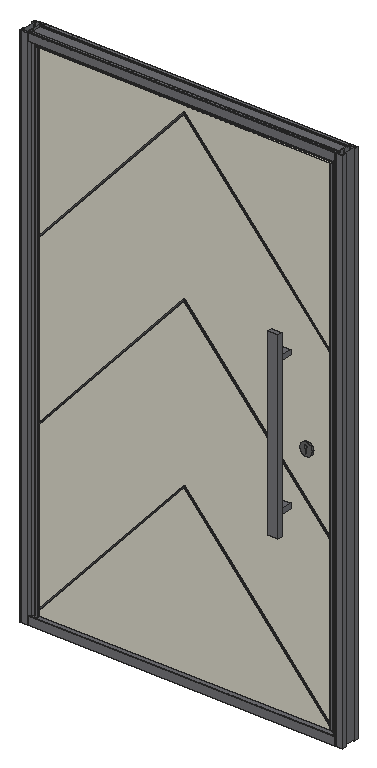
Revit family "YC1321P C1 CHAM LH", category Doors, host Wall, Revit 2024
Family settings
  Host = Wall
  OmniClass Number = 23.30.10.00
  OmniClass Title = Doors
  Always vertical = Yes
  Cut with Voids When Loaded = No
  Shared = No
  Room Calculation Point = No
Parameters
  Function = Interior
  Frame Projection Ext. = 25 mm
  Frame Projection Int. = 25 mm
  Frame Width = 75 mm
  Height = 2120 mm
  Wall Closure = By host
  Width = 1290 mm
  Analytic Construction = "<None>"
Reference planes
  plane 1: y = 0
  plane 2 "Center (Left/Right)": x = 0
  plane 3 "Left": x = -645
  plane 4 "Right": x = 645
  plane 5: z = 2120
  plane 6 "Exterior": y = 75
  plane 7 "Interior": y = -75
  plane 8: z = 33.5
Forms (mm)
  Sweep 1, solid, material "ALUMINIUM CHAR (TEST)"
    path origin (0, 75, 0) x (-1, 0, 0) y (0, 0, -1)
      loop
        line (-601.2, -30) -> (-601.2, -2075) -> (600, -2075) -> (600, -30)
    profile origin (0.6, 75, 2075) x (0, 0, -1) y (0, -1, 0)
      loop
        line (-15, 55) -> (-15, 53) -> (0.5, 53)
        arc (0.5, 53) -> (1.207, 53.293) -> (1.5, 54) r 1
        line (1.5, 54) -> (1.5, 56.1) -> (0.5, 56.1) -> (0.5, 55) -> (-1, 55) -> (-1, 59.5) -> (0.5, 59.5) -> (0.5, 58.369) -> (1.5, 58.369) -> (1.5, 91.631) -> (0.5, 91.631) -> (0.5, 90.5) -> (-1, 90.5) -> (-1, 95) -> (0.5, 95) -> (0.5, 93.9) -> (1.5, 93.9) -> (1.5, 96)
        arc (1.5, 96) -> (1.207, 96.707) -> (0.5, 97) r 1
        line (0.5, 97) -> (-15, 97) -> (-15, 95) -> (-2.8, 95) -> (-2.8, 88.5) -> (-0.5, 88.5) -> (-0.5, 61.5) -> (-2.8, 61.5) -> (-2.8, 55) -> (-15, 55)
  Extrusion 2, solid, material "ALUMINIUM CHAR (TEST)"
    sketch origin (0, 0, 0) x (0, 1, 0) y (0, 0, -1)
      loop
        line (37.5, -2120) -> (37.5, -2090) -> (7.651, -2090) -> (-4.189, -2090) -> (-37.5, -2090) -> (-37.5, -2120) -> (-22, -2120) -> (-22, -2118.5) -> (-24.5, -2118.5) -> (-24.5, -2115.5) -> (24.5, -2115.5) -> (24.5, -2118.5) -> (22, -2118.5) -> (22, -2120) -> (37.5, -2120)
      loop
        line (32.168, -2118.2) -> (35.6, -2118.2) -> (35.6, -2091.8) -> (32.168, -2091.8) -> (30.896, -2093.072) -> (29.5, -2091.676) -> (28, -2093.176) -> (26.624, -2091.8) -> (-19.438, -2091.8) -> (-26.624, -2091.8) -> (-28, -2093.176) -> (-29.5, -2091.676) -> (-30.896, -2093.072) -> (-32.168, -2091.8) -> (-35.6, -2091.8) -> (-35.6, -2118.2) -> (-32.168, -2118.2) -> (-30.896, -2116.928) -> (-29.5, -2118.324) -> (-28, -2116.824) -> (-26.3, -2118.524) -> (-26.3, -2115.8)
        arc (-26.3, -2115.8) -> (-25.685, -2114.315) -> (-24.2, -2113.7) r 2.1
        line (-24.2, -2113.7) -> (24.2, -2113.7)
        arc (24.2, -2113.7) -> (25.685, -2114.315) -> (26.3, -2115.8) r 2.1
        line (26.3, -2115.8) -> (26.3, -2118.524) -> (28, -2116.824) -> (29.5, -2118.324) -> (30.896, -2116.928) -> (32.168, -2118.2)
      loop
        line (37.5, 0) -> (22, 0) -> (22, -1.5) -> (24.5, -1.5) -> (24.5, -4.5) -> (-24.5, -4.5) -> (-24.5, -1.5) -> (-22, -1.5) -> (-22, 0) -> (-37.5, 0) -> (-37.5, -30) -> (-4.189, -30) -> (7.651, -30) -> (37.5, -30) -> (37.5, 0)
      loop
        line (32.168, -1.8) -> (30.896, -3.072) -> (29.5, -1.676) -> (28, -3.176) -> (26.3, -1.476) -> (26.3, -4.2)
        arc (26.3, -4.2) -> (25.685, -5.685) -> (24.2, -6.3) r 2.1
        line (24.2, -6.3) -> (-24.2, -6.3)
        arc (-24.2, -6.3) -> (-25.685, -5.685) -> (-26.3, -4.2) r 2.1
        line (-26.3, -4.2) -> (-26.3, -1.476) -> (-28, -3.176) -> (-29.5, -1.676) -> (-30.896, -3.072) -> (-32.168, -1.8) -> (-35.6, -1.8) -> (-35.6, -28.2) -> (-32.168, -28.2) -> (-30.896, -26.928) -> (-29.5, -28.324) -> (-28, -26.824) -> (-26.624, -28.2) -> (-19.438, -28.2) -> (26.624, -28.2) -> (28, -26.824) -> (29.5, -28.324) -> (30.896, -26.928) -> (32.168, -28.2) -> (35.6, -28.2) -> (35.6, -1.8) -> (32.168, -1.8)
    from -615 to 615
  Extrusion 3, solid, material "ALUMINIUM CHAR (TEST)"
    sketch origin (0, 0, 30) x (-1, 0, 0) y (0, -1, 0)
      loop
        line (598.5, -21) -> (598.5, 23.179)
        arc (598.5, 23.179) -> (598.26, 23.76) -> (597.679, 24) r 0.821
        line (597.679, 24) -> (584.5, 24)
        arc (584.5, 24) -> (583.5, 23) -> (584.5, 22) r 1
        line (584.5, 22) -> (595.679, 22)
        arc (595.679, 22) -> (596.26, 21.76) -> (596.5, 21.179) r 0.821
        line (596.5, 21.179) -> (596.5, -21)
        arc (596.5, -21) -> (597.5, -22) -> (598.5, -21) r 1
      loop
        line (-599.7, 21) -> (-599.7, -23.179)
        arc (-599.7, -23.179) -> (-599.459, -23.76) -> (-598.879, -24) r 0.821
        line (-598.879, -24) -> (-585.7, -24)
        arc (-585.7, -24) -> (-584.7, -23) -> (-585.7, -22) r 1
        line (-585.7, -22) -> (-596.879, -22)
        arc (-596.879, -22) -> (-597.459, -21.76) -> (-597.7, -21.179) r 0.821
        line (-597.7, -21.179) -> (-597.7, 21)
        arc (-597.7, 21) -> (-598.7, 22) -> (-599.7, 21) r 1
    from 0 to 2043.5
  Extrusion 4, solid, material "ALUMINIUM CHAR (TEST)"
    sketch origin (25, 22, 130) x (-1, 0, 0) y (0, 0, -1)
      loop
        line (620, -1939) -> (620, 94) -> (608, 94) -> (608, -1939) -> (620, -1939)
      loop
        line (-570, -1939) -> (-558, -1939) -> (-558, 94) -> (-570, 94) -> (-570, -1939)
    from 0 to 44
  Extrusion 5, solid, material "ALUMINIUM (CHAMPAGNE TEST)"
    sketch origin (25, 22, 130) x (-1, 0, 0) y (0, 0, -1)
      loop
        line (608, -1939) -> (608, 94) -> (-558, 94) -> (-558, -1939) -> (608, -1939)
    from 0 to 4
  Extrusion 6, solid, material "ALUMINIUM (CHAMPAGNE TEST)"
    sketch origin (25, -22, 130) x (-1, 0, 0) y (0, 0, 1)
      loop
        line (608, 1939) -> (-558, 1939) -> (-558, -94) -> (608, -94) -> (608, 1939)
    from 0 to 4
  Extrusion 7, solid, material "ALUMINIUM BLACK (TEST)"
    sketch origin (-405.722, 27.873, -123.123) x (-1, 0, 0) y (0, 0, -1)
      loop
        circle (-896.954, -1135.623) r 25
    from 0 to 5
  Extrusion 8, solid, material "ALUMINIUM BLACK (TEST)"
    sketch origin (-405.722, -27.873, -123.123) x (-1, 0, 0) y (0, 0, 1)
      loop
        circle (-896.954, 1135.623) r 25
    from 0 to 5
  Extrusion 9, solid, material "ALUMINIUM CHAR (TEST)"
    sketch origin (1264.348, 72.873, -21.123) x (1, 0, 0) y (0, 0, 1)
      loop
        line (-878.538, 1365) -> (-878.538, 1345) -> (-838.538, 1345) -> (-838.538, 1365) -> (-878.538, 1365)
      loop
        line (-878.538, 795) -> (-838.538, 795) -> (-838.538, 815) -> (-878.538, 815) -> (-878.538, 795)
    from 5 to 50
  Extrusion 10, solid, material "ALUMINIUM CHAR (TEST)"
    sketch origin (-14.789, 87.873, 223.877) x (-1, 0, 0) y (0, 0, -1)
      loop
        line (-400.6, -470) -> (-440.6, -470) -> (-440.6, -1200) -> (-400.6, -1200) -> (-400.6, -470)
    from 0 to 20
  Extrusion 11, void
    sketch origin (-140.5, 67.873, -123.123) x (-1, 0, 0) y (0, 0, -1)
      loop
        line (-634.732, -1122.18) -> (-634.732, -1136.773)
        arc (-634.732, -1136.773) -> (-631.732, -1150.865) -> (-628.732, -1136.773) r 7.365
        line (-628.732, -1136.773) -> (-628.732, -1122.18)
        arc (-628.732, -1122.18) -> (-631.732, -1119.18) -> (-634.732, -1122.18) r 3
    from 40 to 45
  Extrusion 12, void
    sketch origin (-140.5, -67.873, -123.123) x (-1, 0, 0) y (0, 0, 1)
      loop
        arc (-634.732, 1122.18) -> (-631.732, 1119.18) -> (-628.732, 1122.18) r 3
        line (-628.732, 1122.18) -> (-628.732, 1136.773)
        arc (-628.732, 1136.773) -> (-631.732, 1150.865) -> (-634.732, 1136.773) r 7.365
        line (-634.732, 1136.773) -> (-634.732, 1122.18)
    from 40 to 45
  Extrusion 13, solid, material "ALUMINIUM CHAR (TEST)"
    sketch origin (0, 0, 0) x (0, -1, 0) y (-1, 0, 0)
      loop
        line (-37.5, -645) -> (-22, -645) -> (-22, -643.5) -> (-24.5, -643.5) -> (-24.5, -640.5) -> (24.5, -640.5) -> (24.5, -643.5) -> (22, -643.5) -> (22, -645) -> (37.5, -645) -> (37.5, -615) -> (17, -615) -> (17, -615.993) -> (18.496, -616.394) -> (18.496, -617.6) -> (0.254, -617.6) -> (0.254, -616.306) -> (3, -616.066) -> (3, -615) -> (-37.5, -615) -> (-37.5, -645)
      loop
        line (-26.624, -616.8) -> (-28, -618.176) -> (-29.5, -616.676) -> (-30.896, -618.072) -> (-32.168, -616.8) -> (-35.6, -616.8) -> (-35.6, -643.2) -> (-32.168, -643.2) -> (-30.896, -641.928) -> (-29.5, -643.324) -> (-28, -641.824) -> (-26.3, -643.524) -> (-26.3, -640.8)
        arc (-26.3, -640.8) -> (-25.685, -639.315) -> (-24.2, -638.7) r 2.1
        line (-24.2, -638.7) -> (24.2, -638.7)
        arc (24.2, -638.7) -> (25.685, -639.315) -> (26.3, -640.8) r 2.1
        line (26.3, -640.8) -> (26.3, -643.524) -> (28, -641.824) -> (29.5, -643.324) -> (30.896, -641.928) -> (32.168, -643.2) -> (35.6, -643.2) -> (35.6, -616.8) -> (32.168, -616.8) -> (30.896, -618.072) -> (29.5, -616.676) -> (28, -618.176) -> (26.624, -616.8) -> (20.239, -616.8)
        arc (20.239, -616.8) -> (19.852, -618.596) -> (18.2, -619.4) r 2.1
        line (18.2, -619.4) -> (0.55, -619.4)
        arc (0.55, -619.4) -> (-1.102, -618.596) -> (-1.49, -616.8) r 2.1
        line (-1.49, -616.8) -> (-26.624, -616.8)
      loop
        line (-37.5, 645) -> (-37.5, 615) -> (3, 615) -> (3, 616.066) -> (0.254, 616.306) -> (0.254, 617.6) -> (18.496, 617.6) -> (18.496, 616.394) -> (17, 615.993) -> (17, 615) -> (37.5, 615) -> (37.5, 645) -> (22, 645) -> (22, 643.5) -> (24.5, 643.5) -> (24.5, 640.5) -> (-24.5, 640.5) -> (-24.5, 643.5) -> (-22, 643.5) -> (-22, 645) -> (-37.5, 645)
      loop
        line (-26.624, 616.8) -> (-1.49, 616.8)
        arc (-1.49, 616.8) -> (-1.102, 618.596) -> (0.55, 619.4) r 2.1
        line (0.55, 619.4) -> (18.2, 619.4)
        arc (18.2, 619.4) -> (19.852, 618.596) -> (20.239, 616.8) r 2.1
        line (20.239, 616.8) -> (26.624, 616.8) -> (28, 618.176) -> (29.5, 616.676) -> (30.896, 618.072) -> (32.168, 616.8) -> (35.6, 616.8) -> (35.6, 643.2) -> (32.168, 643.2) -> (30.896, 641.928) -> (29.5, 643.324) -> (28, 641.824) -> (26.3, 643.524) -> (26.3, 640.8)
        arc (26.3, 640.8) -> (25.685, 639.315) -> (24.2, 638.7) r 2.1
        line (24.2, 638.7) -> (-24.2, 638.7)
        arc (-24.2, 638.7) -> (-25.685, 639.315) -> (-26.3, 640.8) r 2.1
        line (-26.3, 640.8) -> (-26.3, 643.524) -> (-28, 641.824) -> (-29.5, 643.324) -> (-30.896, 641.928) -> (-32.168, 643.2) -> (-35.6, 643.2) -> (-35.6, 616.8) -> (-32.168, 616.8) -> (-30.896, 618.072) -> (-29.5, 616.676) -> (-28, 618.176) -> (-26.624, 616.8)
    from -2120 to 0
  Extrusion 14, solid, material "ALUMINIUM BLACK (TEST)"
    sketch origin (1029.106, 22.873, 455.989) x (0.515678, 0, 0.856782) y (-0.856782, 0, 0.515678)
      loop
        line (-25.944, 1865.967) -> (-31.068, 1862.883) -> (824.768, 1697.539) -> (570.214, 863.875) -> (575.338, 866.959) -> (829.892, 1700.623) -> (-25.944, 1865.967)
      loop
        line (-598.274, 1521.494) -> (-603.398, 1518.41) -> (252.437, 1353.065) -> (-2.117, 519.402) -> (3.007, 522.486) -> (257.561, 1356.149) -> (-598.274, 1521.494)
      loop
        line (-1170.605, 1177.02) -> (-1175.729, 1173.936) -> (-319.893, 1008.592) -> (-574.447, 174.928) -> (-569.323, 178.012) -> (-314.769, 1011.676) -> (-1170.605, 1177.02)
    from 0 to 0.873
  Extrusion 15, solid, material "ALUMINIUM CHAR (TEST)"
    sketch origin (1264.348, -72.873, -21.123) x (1, 0, 0) y (0, 0, -1)
      loop
        line (-878.538, -1365) -> (-838.538, -1365) -> (-838.538, -1345) -> (-878.538, -1345) -> (-878.538, -1365)
      loop
        line (-878.538, -795) -> (-878.538, -815) -> (-838.538, -815) -> (-838.538, -795) -> (-878.538, -795)
    from 5 to 50
  Extrusion 16, solid, material "ALUMINIUM CHAR (TEST)"
    sketch origin (-14.789, -87.873, 223.877) x (-1, 0, 0) y (0, 0, 1)
      loop
        line (-400.6, 470) -> (-400.6, 1200) -> (-440.6, 1200) -> (-440.6, 470) -> (-400.6, 470)
    from 0 to 20
  Extrusion 17, solid, material "ALUMINIUM BLACK (TEST)"
    sketch origin (1029.106, -22.873, 455.989) x (0.515678, 0, 0.856782) y (0.856782, 0, -0.515678)
      loop
        line (-25.944, -1865.967) -> (829.892, -1700.623) -> (575.338, -866.959) -> (570.214, -863.875) -> (824.768, -1697.539) -> (-31.068, -1862.883) -> (-25.944, -1865.967)
      loop
        line (-598.274, -1521.494) -> (257.561, -1356.149) -> (3.007, -522.486) -> (-2.117, -519.402) -> (252.437, -1353.065) -> (-603.398, -1518.41) -> (-598.274, -1521.494)
      loop
        line (-1170.605, -1177.02) -> (-314.769, -1011.676) -> (-569.323, -178.012) -> (-574.447, -174.928) -> (-319.893, -1008.592) -> (-1175.729, -1173.936) -> (-1170.605, -1177.02)
    from 0 to 0.873
Cuts and joins
  Extrusion 11 cuts Extrusion 7
  Extrusion 12 cuts Extrusion 8
Lines and regions (mm)
  Opening 1
    outline origin (-5000, 75, 0) x (-1, 0, 0) y (0, 0, 1)
      loop
        line (-5645, 0) -> (-4355, 0) -> (-4355, 2120) -> (-5645, 2120) -> (-5645, 0)
  model lines
    curve 1: line (602.851, 22.5, 0) -> (-602.851, 22.5, 0)
    curve 2: line (603, -13, 0) -> (-603, -13, 0)
    curve 8: line (-300, -22.5, 0) -> (-300, -925.5, 0)
    curve 9: arc (603, -22.5, 0) -> (338.517, -661.017, 0) -> (-300, -925.5, 0) r 903
    curve 10: line (-300, 13, 0) -> (-300, 316, 0)
    curve 11: arc (-300, 316, 0) -> (-514.253, 227.253, 0) -> (-603, 13, 0) r 303
  symbolic lines, style "Elevation Swing"
    curve 3: line (645, -75, 1060) -> (-300, -75, 2078)
    curve 4: line (645, -75, 1060) -> (-300, -75, 0)
    curve 5: line (-603, -75, 1045) -> (-300, -75, 2078)
    curve 6: line (-603, -75, 1045) -> (-300, -75, 0)
  model lines, style "Elevation Swing"
    curve 7: line (-300, 0, 0) -> (-300, 0, 2078)
Text (mm)
  text "Exterior" at (-2295.016, 1099.543, 0), in view "Ref. Level"
  text "Exterior" at (0, 1615.38, 3698.081), in view "Left"
  text "Exterior" at (0, 1036.032, 3874.932), in view "Right"
Dimensions and locks
  equal spacing: plane 3 "Left", plane 2 "Center (Left/Right)", plane 4 "Right"
  "Width": plane 3 "Left" to plane 4 "Right"
  "Height": plane 5 to host wall
  host wall to plane 5 = 2120 mm  (x2)
  locked: plane 6 "Exterior" to host wall
  locked: plane 7 "Interior" to host wall
  plane 3 "Left" to plane 4 "Right" = 1290 mm  (x2)
  aligned and locked: plane 1 to host wall
  aligned and locked: Opening 1 sketch curve to level
Automatic sketch dimensions
  curve 7 to level = 0 mm
  plane 5 to curve 7 = 42 mm
  curve 7 to plane 2 "Center (Left/Right)" = 300 mm
  curve 4 to level = 0 mm
  plane 4 "Right" to curve 4 = 0 mm
  curve 6 to plane 2 "Center (Left/Right)" = 300 mm
  plane 5 to curve 5 = 42 mm
  curve 5 to plane 2 "Center (Left/Right)" = 300 mm
  curve 5 to plane 3 "Left" = 42 mm
  plane 8 to curve 5 = 1011.5 mm
  plane 8 to curve 4 = 1026.5 mm
  curve 8 to plane 2 "Center (Left/Right)" = 300 mm
  host wall to curve 10 = 241 mm
  curve 10 to plane 2 "Center (Left/Right)" = 300 mm
  curve 11 to host wall = 13 mm
  host wall to curve 9 = 22.5 mm
  host wall to curve 8 = 850.5 mm
  curve 11 to curve 1 = 0.149 mm
  host wall to curve 2 = 13 mm
  curve 2 to curve 11 = 0 mm
  plane 4 "Right" to curve 1 = 42.149 mm
  curve 2 to curve 9 = 0 mm
  curve 10 to curve 11 = 0 mm
  curve 8 to curve 9 = 0 mm
  plane 4 "Right" to Opening 1 sketch curve = 0 mm
  plane 3 "Left" to Opening 1 sketch curve = 0 mm
  Opening 1 sketch curve to plane 5 = 0 mm
  plane 4 "Right" to Sweep 1 sketch curve = 43.8 mm
  Sweep 1 sketch curve to plane 3 "Left" = 45 mm
  plane 5 to Sweep 1 sketch curve = 45 mm
  Sweep 1 sketch curve to plane 8 = 3.5 mm  (x2)
  profile plane to Sweep 1 sketch curve = 15 mm  (x2)
  profile plane to Sweep 1 sketch curve = 2.8 mm  (x2)
  profile plane to Sweep 1 sketch curve = 1 mm  (x2)
  profile plane to Sweep 1 sketch curve = 0.5 mm
  Sweep 1 sketch curve to profile plane = 0.5 mm  (x6)
  Sweep 1 sketch curve to Sweep 1 sketch curve = 1 mm  (x6)
  profile plane to Sweep 1 sketch curve = 53 mm
  Sweep 1 sketch curve to Sweep 1 sketch curve = 1.1 mm  (x2)
  Sweep 1 sketch curve to Sweep 1 sketch curve = 2.269 mm  (x2)
  Sweep 1 sketch curve to Sweep 1 sketch curve = 1.131 mm  (x2)
  Sweep 1 sketch curve to Sweep 1 sketch curve = 2 mm  (x2)
  Sweep 1 sketch curve to Sweep 1 sketch curve = 27 mm
  Sweep 1 sketch curve to Sweep 1 sketch curve = 6.5 mm
  Extrusion 2 sketch curve to level = 0 mm  (x2)
  plane 5 to Extrusion 2 sketch curve = 0 mm  (x2)
  host wall to Extrusion 2 sketch curve = 37.5 mm  (x2)
  Extrusion 2 sketch curve to plane 8 = 3.5 mm
  Extrusion 2 sketch curve to Extrusion 2 sketch curve = 1.9 mm  (x4)
  Extrusion 2 sketch curve to Extrusion 2 sketch curve = 3.432 mm  (x6)
  Extrusion 2 sketch curve to plane 8 = 5.3 mm  (x2)
  plane 5 to Extrusion 2 sketch curve = 3.072 mm  (x2)
  Extrusion 2 sketch curve to Extrusion 2 sketch curve = 1.272 mm  (x11)
  Extrusion 2 sketch curve to plane 8 = 6.572 mm  (x2)
  level to Extrusion 2 sketch curve = 3.072 mm  (x2)
  Extrusion 2 sketch curve to Extrusion 2 sketch curve = 1.396 mm  (x7)
  Extrusion 2 sketch curve to plane 8 = 5.176 mm  (x2)
  plane 5 to Extrusion 2 sketch curve = 1.676 mm  (x2)
  level to Extrusion 2 sketch curve = 1.676 mm  (x2)
  plane 5 to Extrusion 2 sketch curve = 3.176 mm  (x2)
  Extrusion 2 sketch curve to Extrusion 2 sketch curve = 1.5 mm  (x4)
  level to Extrusion 2 sketch curve = 3.176 mm  (x2)
  Extrusion 2 sketch curve to plane 8 = 6.676 mm  (x2)
  Extrusion 2 sketch curve to Extrusion 2 sketch curve = 1.376 mm  (x4)
  Extrusion 2 sketch curve to Extrusion 2 sketch curve = 1.7 mm  (x4)
  Extrusion 2 sketch curve to Extrusion 2 sketch curve = 1.8 mm  (x5)
  Extrusion 2 sketch curve to Extrusion 2 sketch curve = 0.3 mm  (x6)
  Extrusion 2 sketch curve to Extrusion 2 sketch curve = 2.5 mm  (x2)
  Extrusion 2 sketch curve to Extrusion 2 sketch curve = 7.186 mm  (x2)
  host wall to Extrusion 2 sketch curve = 4.189 mm  (x2)
  Extrusion 2 sketch curve to host wall = 7.651 mm  (x2)
  level to Extrusion 2 sketch curve = 1.5 mm  (x2)
  Extrusion 2 sketch curve to host wall = 22 mm  (x2)
  Extrusion 2 sketch curve to Extrusion 2 sketch curve = 2.2 mm  (x2)
  plane 5 to Extrusion 2 sketch curve = 1.476 mm
  level to Extrusion 2 sketch curve = 1.476 mm
  Extrusion 2 sketch curve to Extrusion 2 sketch curve = 18.973 mm  (x2)
  plane 5 to Extrusion 2 sketch curve = 1.5 mm  (x2)
  Extrusion 2 sketch curve to Extrusion 2 sketch curve = 2.7 mm
  Extrusion 2 sketch curve to Extrusion 2 sketch curve = 20.524 mm  (x2)
  Extrusion 2 sketch curve to Extrusion 2 sketch curve = 0.104 mm  (x2)
  Extrusion 2 sketch curve to Extrusion 2 sketch curve = 3.124 mm
  plane 4 "Right" to Extrusion 3 sketch curve = 45.3 mm
  Extrusion 3 sketch curve to Extrusion 3 sketch curve = 0.821 mm  (x4)
  Extrusion 3 sketch curve to Extrusion 3 sketch curve = 1 mm  (x4)
  Extrusion 3 sketch curve to Extrusion 3 sketch curve = 11.179 mm  (x2)
  host wall to Extrusion 3 sketch curve = 24 mm
  Extrusion 3 sketch curve to plane 3 "Left" = 60.5 mm
  host wall to Extrusion 3 sketch curve = 21 mm
  Extrusion 3 sketch curve to host wall = 21 mm
  Extrusion 3 sketch curve to host wall = 21.179 mm
  plane 4 "Right" to Extrusion 4 sketch curve = 50 mm
  plane 8 to Extrusion 4 sketch curve = 2.5 mm  (x2)
  Extrusion 4 sketch curve to Extrusion 4 sketch curve = 12 mm  (x2)
  Extrusion 4 sketch curve to plane 3 "Left" = 62 mm
  plane 5 to Extrusion 4 sketch curve = 51 mm  (x2)
  plane 4 "Right" to Extrusion 5 sketch curve = 62 mm
  plane 8 to Extrusion 5 sketch curve = 2.5 mm
  Extrusion 5 sketch curve to plane 3 "Left" = 62 mm
  plane 5 to Extrusion 5 sketch curve = 51 mm
  plane 4 "Right" to Extrusion 6 sketch curve = 62 mm
  plane 8 to Extrusion 6 sketch curve = 2.5 mm
  Extrusion 6 sketch curve to plane 3 "Left" = 62 mm
  plane 5 to Extrusion 6 sketch curve = 51 mm
  plane 4 "Right" to Extrusion 7 sketch curve = 153.768 mm
  plane 8 to Extrusion 7 sketch curve = 979 mm
  plane 4 "Right" to Extrusion 8 sketch curve = 153.768 mm
  plane 8 to Extrusion 8 sketch curve = 979 mm
  plane 4 "Right" to Extrusion 9 sketch curve = 259.19 mm  (x2)
  Extrusion 9 sketch curve to Extrusion 9 sketch curve = 40 mm  (x2)
  plane 8 to Extrusion 9 sketch curve = 740.377 mm
  Extrusion 9 sketch curve to Extrusion 9 sketch curve = 20 mm  (x2)
  Extrusion 9 sketch curve to Extrusion 9 sketch curve = 530 mm
  plane 4 "Right" to Extrusion 10 sketch curve = 219.19 mm
  Extrusion 10 sketch curve to Extrusion 10 sketch curve = 40 mm
  plane 5 to Extrusion 10 sketch curve = 696.123 mm
  plane 8 to Extrusion 10 sketch curve = 660.377 mm
  plane 4 "Right" to Extrusion 11 sketch curve = 150.768 mm
  Extrusion 11 sketch curve to Extrusion 11 sketch curve = 3 mm  (x2)
  plane 8 to Extrusion 11 sketch curve = 986.877 mm
  Extrusion 11 sketch curve to Extrusion 11 sketch curve = 6.726 mm
  Extrusion 11 sketch curve to Extrusion 11 sketch curve = 14.593 mm
  plane 4 "Right" to Extrusion 12 sketch curve = 150.768 mm
  Extrusion 12 sketch curve to Extrusion 12 sketch curve = 3 mm  (x2)
  plane 8 to Extrusion 12 sketch curve = 965.558 mm
  Extrusion 12 sketch curve to Extrusion 12 sketch curve = 14.593 mm
  Extrusion 12 sketch curve to Extrusion 12 sketch curve = 6.726 mm
  Extrusion 13 sketch curve to plane 4 "Right" = 0 mm  (x2)
  Extrusion 13 sketch curve to plane 3 "Left" = 0 mm  (x2)
  Extrusion 13 sketch curve to host wall = 37.5 mm  (x2)
  Extrusion 13 sketch curve to Extrusion 13 sketch curve = 1.9 mm  (x4)
  Extrusion 13 sketch curve to Extrusion 13 sketch curve = 3.432 mm  (x6)
  Extrusion 13 sketch curve to Extrusion 13 sketch curve = 1.272 mm  (x10)
  Extrusion 13 sketch curve to plane 3 "Left" = 3.072 mm  (x2)
  plane 4 "Right" to Extrusion 13 sketch curve = 3.072 mm  (x2)
  plane 4 "Right" to Extrusion 13 sketch curve = 1.676 mm  (x2)
  Extrusion 13 sketch curve to Extrusion 13 sketch curve = 1.396 mm  (x8)
  Extrusion 13 sketch curve to plane 3 "Left" = 1.676 mm  (x2)
  Extrusion 13 sketch curve to Extrusion 13 sketch curve = 1.5 mm  (x7)
  Extrusion 13 sketch curve to plane 3 "Left" = 3.176 mm  (x2)
  plane 4 "Right" to Extrusion 13 sketch curve = 3.176 mm  (x2)
  Extrusion 13 sketch curve to Extrusion 13 sketch curve = 1.376 mm  (x4)
  Extrusion 13 sketch curve to Extrusion 13 sketch curve = 1.7 mm  (x4)
  Extrusion 13 sketch curve to Extrusion 13 sketch curve = 1.8 mm  (x7)
  Extrusion 13 sketch curve to Extrusion 13 sketch curve = 0.3 mm  (x8)
  Extrusion 13 sketch curve to Extrusion 13 sketch curve = 2.5 mm  (x3)
  Extrusion 13 sketch curve to host wall = 1.49 mm  (x2)
  host wall to Extrusion 13 sketch curve = 0.254 mm  (x2)
  Extrusion 13 sketch curve to Extrusion 13 sketch curve = 0.296 mm  (x4)
  Extrusion 13 sketch curve to Extrusion 13 sketch curve = 2.45 mm  (x2)
  Extrusion 13 sketch curve to Extrusion 13 sketch curve = 14 mm  (x2)
  Extrusion 13 sketch curve to Extrusion 13 sketch curve = 1.2 mm  (x2)
  Extrusion 13 sketch curve to Extrusion 13 sketch curve = 1.744 mm  (x2)
  Extrusion 13 sketch curve to plane 3 "Left" = 1.5 mm  (x2)
  host wall to Extrusion 13 sketch curve = 22 mm  (x2)
  plane 4 "Right" to Extrusion 13 sketch curve = 1.5 mm  (x2)
  Extrusion 13 sketch curve to Extrusion 13 sketch curve = 2.2 mm  (x2)
  plane 4 "Right" to Extrusion 13 sketch curve = 1.476 mm
  Extrusion 13 sketch curve to Extrusion 13 sketch curve = 6.385 mm  (x2)
  plane 4 "Right" to Extrusion 13 sketch curve = 1.8 mm
  Extrusion 13 sketch curve to plane 3 "Left" = 1.8 mm
  Extrusion 13 sketch curve to Extrusion 13 sketch curve = 2.7 mm
  Extrusion 13 sketch curve to Extrusion 13 sketch curve = 19.3 mm
  Extrusion 13 sketch curve to Extrusion 13 sketch curve = 20.524 mm
  Extrusion 13 sketch curve to Extrusion 13 sketch curve = 1.224 mm
  Extrusion 13 sketch curve to Extrusion 13 sketch curve = 0.104 mm  (x2)
  Extrusion 13 sketch curve to Extrusion 13 sketch curve = 0.906 mm  (x2)
  Extrusion 13 sketch curve to Extrusion 13 sketch curve = 0.994 mm
  Extrusion 13 sketch curve to Extrusion 13 sketch curve = 1.234 mm
  Extrusion 13 sketch curve to Extrusion 13 sketch curve = 0.401 mm  (x2)
  Extrusion 13 sketch curve to Extrusion 13 sketch curve = 28.5 mm
  Extrusion 13 sketch curve to Extrusion 13 sketch curve = 0 mm
  Extrusion 13 sketch curve to Extrusion 13 sketch curve = 0.993 mm
  Extrusion 13 sketch curve to Extrusion 13 sketch curve = 1.066 mm
  Extrusion 13 sketch curve to Extrusion 13 sketch curve = 0.24 mm
  Extrusion 13 sketch curve to Extrusion 13 sketch curve = 1.676 mm  (x2)
  Extrusion 13 sketch curve to Extrusion 13 sketch curve = 0.124 mm
  Extrusion 13 sketch curve to Extrusion 13 sketch curve = 0.406 mm
  Extrusion 13 sketch curve to Extrusion 13 sketch curve = 3.124 mm
  Extrusion 14 sketch curve to plane 2 "Center (Left/Right)" = 0 mm  (x6)
  plane 8 to Extrusion 14 sketch curve = 20.519 mm
  Extrusion 14 sketch curve to plane 3 "Left" = 62 mm
  Extrusion 14 sketch curve to Extrusion 14 sketch curve = 5.124 mm  (x9)
  Extrusion 14 sketch curve to Extrusion 14 sketch curve = 567.206 mm  (x3)
  Extrusion 14 sketch curve to Extrusion 14 sketch curve = 601.281 mm
  Extrusion 14 sketch curve to Extrusion 14 sketch curve = 283.505 mm  (x2)
  Extrusion 14 sketch curve to Extrusion 14 sketch curve = 312.652 mm  (x2)
  Extrusion 14 sketch curve to Extrusion 14 sketch curve = 489.19 mm  (x2)
  Extrusion 14 sketch curve to Extrusion 14 sketch curve = 3.084 mm  (x6)
  Extrusion 14 sketch curve to Extrusion 14 sketch curve = 341.389 mm
  Extrusion 14 sketch curve to Extrusion 14 sketch curve = 506.734 mm  (x2)
  plane 4 "Right" to Extrusion 15 sketch curve = 259.19 mm  (x2)
  Extrusion 15 sketch curve to Extrusion 15 sketch curve = 40 mm  (x2)
  plane 5 to Extrusion 15 sketch curve = 776.123 mm
  Extrusion 15 sketch curve to Extrusion 15 sketch curve = 20 mm  (x2)
  Extrusion 15 sketch curve to Extrusion 15 sketch curve = 530 mm
  plane 4 "Right" to Extrusion 16 sketch curve = 219.19 mm
  Extrusion 16 sketch curve to Extrusion 16 sketch curve = 40 mm
  plane 8 to Extrusion 16 sketch curve = 660.377 mm
  plane 5 to Extrusion 16 sketch curve = 696.123 mm
  Extrusion 17 sketch curve to plane 2 "Center (Left/Right)" = 0 mm  (x6)
  plane 8 to Extrusion 17 sketch curve = 20.519 mm
  Extrusion 17 sketch curve to plane 3 "Left" = 62 mm
  Extrusion 17 sketch curve to Extrusion 17 sketch curve = 5.124 mm  (x9)
  Extrusion 17 sketch curve to Extrusion 17 sketch curve = 567.206 mm  (x3)
  Extrusion 17 sketch curve to Extrusion 17 sketch curve = 601.281 mm
  Extrusion 17 sketch curve to Extrusion 17 sketch curve = 283.505 mm  (x2)
  Extrusion 17 sketch curve to Extrusion 17 sketch curve = 312.652 mm  (x2)
  Extrusion 17 sketch curve to Extrusion 17 sketch curve = 506.734 mm
  Extrusion 17 sketch curve to Extrusion 17 sketch curve = 3.084 mm  (x6)
  Extrusion 17 sketch curve to Extrusion 17 sketch curve = 509.818 mm
  Extrusion 17 sketch curve to Extrusion 17 sketch curve = 489.19 mm  (x2)
  Extrusion 17 sketch curve to Extrusion 17 sketch curve = 341.389 mm
  radius of Extrusion 7 sketch curve = 25 mm
  radius of Extrusion 8 sketch curve = 25 mm
